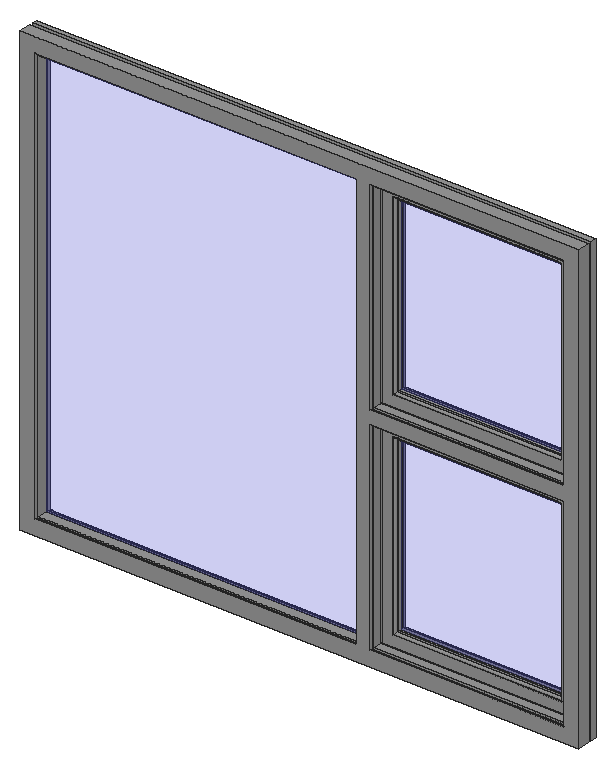
Revit family "MG15 LH", category Windows, host Wall, Revit 2015
Parameters (values of type "MG15 LH")
  Sash Width = 600 mm
  Sash Height = 622 mm
  Height = 1200 mm
  Default Lintel Height = 2100 mm
  Wall Closure = By host
  Width = 1500 mm
Reference planes
  plane 1 "Center (Front/Back)": y = 0
  plane 2 "Center (Left/Right)": x = 0
  plane 3 "Left": x = -750
  plane 4 "Right": x = 750
  plane 5 "Sill": z = 900
  plane 6 "Head": z = 2100
  plane 7 "Exterior": y = 100
  plane 8 "Interior": y = -100
  plane 9: y = -28.5
  plane 10: y = 23.5
  plane 11: x = 150
  plane 12: z = 1478
Forms (mm)
  Sweep 1, solid, material "Lauan, Meranti"
    path origin (0, 100, 0) x (1, 0, 0) y (0, 0, 1)
      loop
        line (750, 2100) -> (-750, 2100) -> (-750, 900) -> (750, 900) -> (750, 2100)
    profile origin (0, 100, 2100) x (0, 0, -1) y (0, -1, 0)
      loop
        line (0, 71.5) -> (29, 71.5) -> (29, 96.5) -> (37.5, 96.5) -> (37.5, 102.5) -> (40.5, 102.5) -> (40.5, 96.5) -> (44, 96.5) -> (44, 122.5) -> (39, 122.5) -> (39, 128.5) -> (0, 128.5) -> (0, 94.5) -> (10, 94.5) -> (10, 86.5) -> (0, 86.5) -> (0, 71.5)
  Extrusion 2, solid, material "Glass"
    sketch origin (-10500, 3.5, 2100) x (0, 0, -1) y (-1, 0, 0)
      loop
        line (29, -10665) -> (1171, -10665) -> (1171, -9779) -> (29, -9779) -> (29, -10665)
    from 0 to 6.4
  Sweep 3, solid, material "Lauan, Meranti"
    path origin (-10500, 23.5, 2100) x (0, 0, -1) y (-1, 0, 0)
      loop
        line (29, -10665) -> (1171, -10665) -> (1171, -9779) -> (29, -9779) -> (29, -10665)
    profile origin (-278, 23.5, 2071) x (0, 0, 1) y (0, 1, 0)
      loop
        line (0, 1.4) -> (-3, 1.4)
        arc (-3, 1.4) -> (-10.071, -1.529) -> (-13, -8.6) r 10
        line (-13, -8.6) -> (-15, -8.6) -> (-15, -13.6) -> (0, -13.6) -> (0, 1.4)
  Extrusion 4, solid, material "Lauan, Meranti"
    sketch origin (212.612, 0, 1139) x (0, -1, 0) y (0, 0, 1)
      loop
        line (28.5, 344) -> (28.5, 378) -> (22.5, 378) -> (22.5, 383) -> (-3.5, 383) -> (-3.5, 379.5) -> (2.5, 379.5) -> (2.5, 376.5) -> (-3.5, 376.5) -> (-3.5, 368) -> (-28.5, 368) -> (-28.5, 354) -> (-3.5, 354) -> (-3.5, 345.5) -> (2.5, 345.5) -> (2.5, 342.5) -> (-3.5, 342.5) -> (-3.5, 339) -> (22.5, 339) -> (22.5, 344) -> (28.5, 344)
    from -508.388 to 33.612
  Extrusion 5, solid, material "Lauan, Meranti"
    sketch origin (172, 0, 0) x (-1, 0, 0) y (0, -1, 0)
      loop
        line (22, 22.5) -> (17, 22.5) -> (17, 28.5) -> (-17, 28.5) -> (-17, 22.5) -> (-22, 22.5) -> (-22, -3.5) -> (-18.5, -3.5) -> (-18.5, 2.5) -> (-15.5, 2.5) -> (-15.5, -3.5) -> (-7, -3.5) -> (-7, -28.5) -> (7, -28.5) -> (7, -3.5) -> (15.5, -3.5) -> (15.5, 2.5) -> (18.5, 2.5) -> (18.5, -3.5) -> (22, -3.5) -> (22, 22.5)
    from 929 to 2071
  Sweep 6, solid, material "Rubber"
    path origin (-10500, 23.5, 2100) x (0, 0, -1) y (-1, 0, 0)
      loop
        line (29, -11221) -> (593, -11221) -> (593, -10679) -> (29, -10679) -> (29, -11221)
    profile origin (450, 23.5, 2071) x (0, 0, 1) y (0, 1, 0)
      loop
        line (-5, -17) -> (-10, -15) -> (-15, -17) -> (-15, -20) -> (-11, -20) -> (-11, -22.43) -> (-12, -22.43) -> (-11, -22.698) -> (-11, -24.464) -> (-12, -24.464) -> (-10, -25) -> (-8, -24.464) -> (-9, -24.464) -> (-9, -22.698) -> (-8, -22.43) -> (-9, -22.43) -> (-9, -20) -> (-5, -20) -> (-5, -17)
  Sweep 7, solid, material "Rubber"
    path origin (-10500, 23.5, 1522) x (0, 0, -1) y (-1, 0, 0)
      loop
        line (29, -11221) -> (593, -11221) -> (593, -10679) -> (29, -10679) -> (29, -11221)
    profile origin (450, 23.5, 1493) x (0, 0, 1) y (0, 1, 0)
      loop
        line (-5, -17) -> (-10, -15) -> (-15, -17) -> (-15, -20) -> (-11, -20) -> (-11, -22.43) -> (-12, -22.43) -> (-11, -22.698) -> (-11, -24.464) -> (-12, -24.464) -> (-10, -25) -> (-8, -24.464) -> (-9, -24.464) -> (-9, -22.698) -> (-8, -22.43) -> (-9, -22.43) -> (-9, -20) -> (-5, -20) -> (-5, -17)
  Sweep 8, solid, material "Lauan, Meranti"
    path origin (-10500, 23.5, 2100) x (0, 0, -1) y (-1, 0, 0)
      loop
        line (29, -11221) -> (593, -11221) -> (593, -10679) -> (29, -10679) -> (29, -11221)
    profile origin (450, 23.5, 2071) x (0, 0, 1) y (0, 1, 0)
      loop
        line (5, 5) -> (5, 19)
        arc (5, 19) -> (3.242, 23.243) -> (-1, 25) r 6
        line (-1, 25) -> (-43, 25) -> (-43, 0) -> (-52, 0) -> (-52, -8) -> (-49, -8)
        arc (-49, -8) -> (-47.243, -12.243) -> (-43, -14) r 6
        line (-43, -14) -> (-43, -17) -> (-10, -17) -> (-10, -13) -> (-12, -13) -> (-12, -8) -> (-14, -7.464) -> (-14, -2.536) -> (-12, -2) -> (-12, 5) -> (5, 5)
  Sweep 9, solid, material "Lauan, Meranti"
    path origin (-10500, 23.5, 1522) x (0, 0, -1) y (-1, 0, 0)
      loop
        line (29, -11221) -> (593, -11221) -> (593, -10679) -> (29, -10679) -> (29, -11221)
    profile origin (450, 23.5, 1493) x (0, 0, 1) y (0, 1, 0)
      loop
        line (5, 5) -> (5, 19)
        arc (5, 19) -> (3.242, 23.243) -> (-1, 25) r 6
        line (-1, 25) -> (-43, 25) -> (-43, 0) -> (-52, 0) -> (-52, -8) -> (-49, -8)
        arc (-49, -8) -> (-47.243, -12.243) -> (-43, -14) r 6
        line (-43, -14) -> (-43, -17) -> (-10, -17) -> (-10, -13) -> (-12, -13) -> (-12, -8) -> (-14, -7.464) -> (-14, -2.536) -> (-12, -2) -> (-12, 5) -> (5, 5)
  Extrusion 10, solid, material "Glass"
    sketch origin (-10500, 23.5, 2100) x (0, 0, -1) y (-1, 0, 0)
      loop
        line (72, -11178) -> (550, -11178) -> (550, -10722) -> (72, -10722) -> (72, -11178)
      loop
        line (650.011, -11177.986) -> (1128, -11177.986) -> (1128, -10722) -> (650.011, -10722) -> (650.011, -11177.986)
    from 0 to 6.4
  Sweep 11, solid, material "Lauan, Meranti"
    path origin (0, 100, 0) x (1, 0, 0) y (0, 0, 1)
      loop
        line (678, 2028) -> (222, 2028) -> (222, 1550) -> (678, 1550) -> (678, 2028)
    profile origin (450, 100, 2028) x (0, 0, -1) y (0, -1, 0)
      loop
        arc (0, 62.1) -> (4.67, 63.734) -> (7, 68.1) r 6.807
        line (7, 68.1) -> (9, 68.1) -> (9, 70.1) -> (0, 70.1) -> (0, 62.1)
  Sweep 12, solid, material "Lauan, Meranti"
    path origin (0, 100, -578) x (1, 0, 0) y (0, 0, 1)
      loop
        line (678, 2028) -> (222, 2028) -> (222, 1550) -> (678, 1550) -> (678, 2028)
    profile origin (450, 100, 1450) x (0, 0, -1) y (0, -1, 0)
      loop
        arc (0, 62.1) -> (4.67, 63.734) -> (7, 68.1) r 6.807
        line (7, 68.1) -> (9, 68.1) -> (9, 70.1) -> (0, 70.1) -> (0, 62.1)
Cuts and joins
  joined: Sweep 1, Extrusion 4, Extrusion 5, Sweep 8
Lines and regions (mm)
  Opening 1
    outline origin (3500, -100, 0) x (1, 0, 0) y (0, 0, 1)
      loop
        line (-2750, 900) -> (-2750, 2100) -> (-4250, 2100) -> (-4250, 900) -> (-2750, 900)
  model lines
    curve 1: line (726, 48.5, 2076) -> (450, 48.5, 1502)
    curve 2: line (450, 48.5, 1502) -> (173.918, 48.5, 2076.08)
    curve 3: line (726, 48.5, 1498) -> (450, 48.5, 924)
    curve 4: line (450, 48.5, 924) -> (173.918, 48.5, 1498.08)
Text (mm)
  text "EXTERIOR" at (-1963.203, 1332.353, 0), in view "Ref. Level"
  text "INTERIOR" at (-1981.466, -818.386, 0), in view "Ref. Level"
  text "Exterior" at (0, 923.751, 2943.296), in view "Right"
  text "Exterior" at (0, 1040.484, 2685.409), in view "Left"
Dimensions and locks
  equal spacing: plane 3 "Left", plane 2 "Center (Left/Right)", plane 4 "Right"
  "Width": plane 3 "Left" to plane 4 "Right"
  "Height": plane 5 "Sill" to plane 6 "Head"
  "Default Lintel Height": plane 6 "Head" to level
  locked: plane 7 "Exterior" to host wall at 0
  locked: plane 8 "Interior" to host wall
  locked: plane 10 to plane 9 at 52
  "Sash Width": plane 11 to plane 4 "Right"
  "Sash Height": plane 12 to plane 6 "Head"
  aligned and locked: Sweep 1 sketch curve to host wall  (x4)
  aligned and locked: Sweep 3 sketch curve to Sweep 1  (x2)
  aligned and locked: Extrusion 4 to Sweep 1
  aligned and locked: Extrusion 5 to Sweep 1  (x2)
  aligned and locked: Extrusion 4 to Extrusion 5
  aligned and locked: Extrusion 2 sketch curve to Extrusion 5  (x2)
  aligned and locked: Extrusion 2 sketch curve to Sweep 1  (x2)
  aligned and locked: Sweep 6 sketch curve to Sweep 1
  aligned and locked: Sweep 1 to Sweep 6 sketch curve
  aligned and locked: Sweep 6 sketch curve to Extrusion 4  (x2)
  aligned and locked: Sweep 7 sketch curve to Extrusion 4
  aligned and locked: Sweep 7 sketch curve to Sweep 1
  aligned and locked: Extrusion 5 to Sweep 7 sketch curve
  aligned and locked: Sweep 1 to Sweep 7 sketch curve
  aligned and locked: Sweep 8 sketch curve to Sweep 1
  aligned and locked: Sweep 8 sketch curve to Extrusion 5
  aligned and locked: Sweep 8 sketch curve to Extrusion 4
  aligned and locked: Sweep 1 to Sweep 8 sketch curve
  aligned and locked: Sweep 9 sketch curve to Extrusion 4
  aligned and locked: Sweep 9 sketch curve to Sweep 1
  aligned and locked: Sweep 1 to Sweep 9 sketch curve
  aligned and locked: Extrusion 5 to Sweep 9 sketch curve
  aligned and locked: Extrusion 10 sketch curve to Sweep 8  (x4)
  aligned and locked: Extrusion 10 sketch curve to Sweep 9  (x3)
  aligned and locked: Sweep 9 to Extrusion 10 sketch curve
  aligned and locked: Sweep 11 sketch curve to Sweep 8  (x4)
  aligned and locked: Sweep 12 sketch curve to Sweep 9  (x4)
Automatic sketch dimensions
  plane 3 "Left" to Opening 1 sketch curve = 0 mm
  plane 4 "Right" to Opening 1 sketch curve = 0 mm
  Opening 1 sketch curve to plane 5 "Sill" = 0 mm
  Opening 1 sketch curve to plane 6 "Head" = 0 mm
  Sweep 1 sketch curve to profile plane = 0 mm  (x2)
  Sweep 1 sketch curve to profile plane = 10 mm
  Sweep 1 sketch curve to Sweep 1 sketch curve = 19 mm
  Sweep 1 sketch curve to Sweep 1 sketch curve = 8.5 mm
  Sweep 1 sketch curve to Sweep 1 sketch curve = 1.5 mm
  Sweep 1 sketch curve to Sweep 1 sketch curve = 3 mm
  Sweep 1 sketch curve to Sweep 1 sketch curve = 3.5 mm
  plane 7 "Exterior" to Sweep 1 sketch curve = 71.5 mm
  Sweep 1 sketch curve to Sweep 1 sketch curve = 15 mm
  Sweep 1 sketch curve to Sweep 1 sketch curve = 8 mm
  Sweep 1 sketch curve to Sweep 1 sketch curve = 25 mm
  Sweep 1 sketch curve to Sweep 1 sketch curve = 0 mm
  Sweep 1 sketch curve to Sweep 1 sketch curve = 6 mm
  Sweep 1 sketch curve to Sweep 1 sketch curve = 20 mm
  Sweep 1 sketch curve to Sweep 1 sketch curve = 34 mm
  curve 3 to plane 5 "Sill" = 24 mm
  plane 4 "Right" to curve 3 = 300 mm
  curve 2 to plane 12 = 24 mm
  plane 4 "Right" to curve 2 = 300 mm
  curve 4 to plane 11 = 23.918 mm
  curve 2 to plane 11 = 23.918 mm
  plane 4 "Right" to curve 3 = 24 mm
  plane 4 "Right" to curve 1 = 24 mm
  curve 3 to plane 12 = 20 mm
  curve 4 to plane 12 = 20.08 mm
  plane 6 "Head" to curve 1 = 24 mm
  plane 6 "Head" to curve 2 = 23.92 mm
  plane 6 "Head" to Sweep 3 sketch curve = 29 mm
  Sweep 3 sketch curve to plane 11 = 15 mm
  profile plane to Sweep 3 sketch curve = 0 mm
  plane 10 to Sweep 3 sketch curve = 1.4 mm
  profile plane to Sweep 3 sketch curve = 3 mm
  Sweep 3 sketch curve to plane 10 = 8.6 mm
  Sweep 3 sketch curve to Sweep 3 sketch curve = 2 mm
  Sweep 3 sketch curve to Sweep 3 sketch curve = 5 mm
  plane 12 to Extrusion 4 sketch curve = 0 mm
  Extrusion 4 sketch curve to plane 9 = 0 mm
  plane 9 to Extrusion 4 sketch curve = 6 mm  (x2)
  host wall to Extrusion 4 sketch curve = 2.5 mm  (x2)
  Extrusion 4 sketch curve to host wall = 3.5 mm  (x3)
  Extrusion 4 sketch curve to Extrusion 4 sketch curve = 0 mm
  plane 10 to Extrusion 4 sketch curve = 5 mm
  Extrusion 4 sketch curve to plane 12 = 3.5 mm
  Extrusion 4 sketch curve to plane 12 = 5 mm
  Extrusion 4 sketch curve to Extrusion 4 sketch curve = 3 mm  (x2)
  Extrusion 4 sketch curve to plane 12 = 15 mm
  Extrusion 4 sketch curve to Extrusion 4 sketch curve = 14 mm
  Extrusion 4 sketch curve to Extrusion 4 sketch curve = 8.5 mm
  Extrusion 4 sketch curve to Extrusion 4 sketch curve = 1.5 mm
  Extrusion 4 sketch curve to Extrusion 4 sketch curve = 5 mm
  Extrusion 5 sketch curve to plane 9 = 0 mm
  Extrusion 5 sketch curve to plane 11 = 0 mm
  Extrusion 5 sketch curve to Extrusion 5 sketch curve = 3.5 mm  (x2)
  Extrusion 5 sketch curve to Extrusion 5 sketch curve = 5 mm
  Extrusion 5 sketch curve to Extrusion 5 sketch curve = 3 mm  (x2)
  plane 10 to Extrusion 5 sketch curve = 5 mm
  Extrusion 5 sketch curve to plane 11 = 15 mm
  Extrusion 5 sketch curve to Extrusion 5 sketch curve = 14 mm
  host wall to Extrusion 5 sketch curve = 2.5 mm  (x2)
  Extrusion 5 sketch curve to Extrusion 5 sketch curve = 8.5 mm
  Extrusion 5 sketch curve to Extrusion 5 sketch curve = 1.5 mm
  Extrusion 5 sketch curve to host wall = 3.5 mm  (x2)
  Extrusion 5 sketch curve to Extrusion 5 sketch curve = 0 mm  (x2)
  plane 9 to Extrusion 5 sketch curve = 6 mm  (x2)
  profile plane to Sweep 6 sketch curve = 15 mm
  Sweep 6 sketch curve to Sweep 6 sketch curve = 3 mm  (x3)
  Sweep 6 sketch curve to Sweep 6 sketch curve = 0 mm  (x2)
  Sweep 6 sketch curve to Sweep 6 sketch curve = 1 mm  (x6)
  Sweep 6 sketch curve to Sweep 6 sketch curve = 2 mm
  Sweep 6 sketch curve to Sweep 6 sketch curve = 4 mm
  Sweep 6 sketch curve to plane 10 = 25 mm
  Sweep 6 sketch curve to Sweep 6 sketch curve = 0.536 mm  (x2)
  Sweep 6 sketch curve to Sweep 6 sketch curve = 1.766 mm  (x2)
  Sweep 6 sketch curve to Sweep 6 sketch curve = 0.268 mm  (x2)
  Sweep 6 sketch curve to Sweep 6 sketch curve = 2.43 mm  (x2)
  Sweep 6 sketch curve to Sweep 6 sketch curve = 5 mm
  profile plane to Sweep 7 sketch curve = 15 mm
  Sweep 7 sketch curve to Sweep 7 sketch curve = 3 mm  (x3)
  Sweep 7 sketch curve to Sweep 7 sketch curve = 0 mm  (x2)
  Sweep 7 sketch curve to Sweep 7 sketch curve = 1 mm  (x6)
  Sweep 7 sketch curve to Sweep 7 sketch curve = 2 mm
  Sweep 7 sketch curve to Sweep 7 sketch curve = 4 mm
  Sweep 7 sketch curve to plane 10 = 25 mm
  Sweep 7 sketch curve to Sweep 7 sketch curve = 0.536 mm  (x2)
  Sweep 7 sketch curve to Sweep 7 sketch curve = 1.766 mm  (x2)
  Sweep 7 sketch curve to Sweep 7 sketch curve = 0.268 mm  (x2)
  Sweep 7 sketch curve to Sweep 7 sketch curve = 2.43 mm  (x2)
  Sweep 7 sketch curve to Sweep 7 sketch curve = 5 mm
  Sweep 8 sketch curve to plane 10 = 0 mm
  profile plane to Sweep 8 sketch curve = 52 mm
  Sweep 8 sketch curve to Sweep 8 sketch curve = 3 mm  (x2)
  Sweep 8 sketch curve to Sweep 8 sketch curve = 9 mm
  Sweep 8 sketch curve to Sweep 8 sketch curve = 6 mm
  profile plane to Sweep 8 sketch curve = 14 mm
  Sweep 8 sketch curve to Sweep 8 sketch curve = 2 mm  (x3)
  Sweep 8 sketch curve to plane 10 = 2 mm
  profile plane to Sweep 8 sketch curve = 1 mm
  Sweep 8 sketch curve to profile plane = 5 mm
  Sweep 8 sketch curve to Sweep 8 sketch curve = 0.536 mm  (x2)
  Sweep 8 sketch curve to Sweep 8 sketch curve = 4.928 mm
  Sweep 8 sketch curve to Sweep 8 sketch curve = 8 mm
  Sweep 8 sketch curve to Sweep 8 sketch curve = 5 mm
  plane 10 to Sweep 8 sketch curve = 5 mm
  Sweep 8 sketch curve to Sweep 8 sketch curve = 14 mm
  Sweep 9 sketch curve to plane 10 = 0 mm
  profile plane to Sweep 9 sketch curve = 52 mm
  Sweep 9 sketch curve to Sweep 9 sketch curve = 3 mm  (x2)
  Sweep 9 sketch curve to Sweep 9 sketch curve = 9 mm
  Sweep 9 sketch curve to Sweep 9 sketch curve = 6 mm
  profile plane to Sweep 9 sketch curve = 14 mm
  Sweep 9 sketch curve to Sweep 9 sketch curve = 2 mm  (x3)
  Sweep 9 sketch curve to plane 10 = 2 mm
  profile plane to Sweep 9 sketch curve = 1 mm
  Sweep 9 sketch curve to profile plane = 5 mm
  Sweep 9 sketch curve to Sweep 9 sketch curve = 0.536 mm  (x2)
  Sweep 9 sketch curve to Sweep 9 sketch curve = 4.928 mm
  Sweep 9 sketch curve to Sweep 9 sketch curve = 8 mm
  Sweep 9 sketch curve to Sweep 9 sketch curve = 5 mm
  plane 10 to Sweep 9 sketch curve = 5 mm
  Sweep 9 sketch curve to Sweep 9 sketch curve = 14 mm
  Sweep 11 sketch curve to profile plane = 0 mm
  Sweep 11 sketch curve to profile plane = 0.241 mm
  Sweep 11 sketch curve to Sweep 11 sketch curve = 6.759 mm
  Sweep 11 sketch curve to Sweep 11 sketch curve = 2 mm  (x2)
  plane 7 "Exterior" to Sweep 11 sketch curve = 62.1 mm
  Sweep 11 sketch curve to Sweep 11 sketch curve = 6 mm
  Sweep 12 sketch curve to profile plane = 0 mm
  Sweep 12 sketch curve to profile plane = 0.241 mm
  Sweep 12 sketch curve to Sweep 12 sketch curve = 6.759 mm
  Sweep 12 sketch curve to Sweep 12 sketch curve = 2 mm  (x2)
  plane 7 "Exterior" to Sweep 12 sketch curve = 62.1 mm
  Sweep 12 sketch curve to Sweep 12 sketch curve = 6 mm
